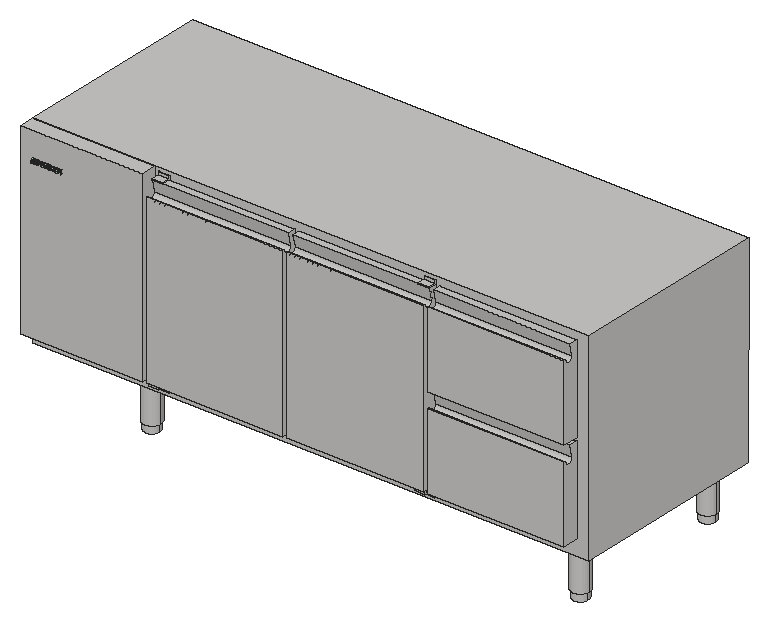
Revit family "QF_ALPENINOX_712681_AJ3F7AAB", category Specialty Equipment, Revit 2018
Family settings
  Round Connector Dimension = Use Diameter
  Part Type = Normal
  Work Plane-Based = No
  Always vertical = Yes
  Cut with Voids When Loaded = No
  Shared = No
  Room Calculation Point = No
Parameters
  Weight = 0.00 kg
  Watts = 45.5225 W
  Volts = 220 V
  URL Manufacturer = "http://www.alpeninox.com"
  URL = "http://www.alpeninox.com"
  Steam Supply Size = 0 mm
  Steam Supply Minimum Pressure = 0.0 Pa
  Steam Supply Maximum Pressure = 0.0 Pa
  Steam Pounds per Hour = 0
  Refrigeration Suction Line Size = 0 mm
  Refrigeration Liquid Line Size = 0 mm
  Refrigerant Compressor Remote = yes
  Manufacturer = "Alpeninox"
  Phase = 1
  Model = "AJ3F7AAB"
  Length Actual = 1795 mm  # constant formula
  Length = 1795 mm
  Item Number = "712681"
  Hot Water Size = 0 mm
  Height Actual = 800 mm  # constant formula
  Height = 650 mm
  HP = "0.7 HP"
  Gas Size = 0 mm
  Gas KW = 0
  Gas Input Pressure = 0 W
  Depth Actual = 700 mm  # constant formula
  Depth = 695 mm
  Description = "2 DOOR+2x½ DRAWER FREEZER TABLE -20C NO TOP"
  Cycle = 50 Hz
  Condensate Return Size = 0 mm
  Compressed Air Volume = 0.0 L/s
  Compressed Air Size = 0 mm
  Compressed Air Pressure = 0.0 Pa
  Cold Water Size = 0 mm
  Accessory = yes
Reference planes
  plane 1: z = 0
  plane 2 "Center (Left/Right)": x = -126.5
  plane 3 "Center (Front/Back)": y = 64.5
  plane 4 "FEET": z = 150
  plane 5 "TOP": z = 850
  plane 6 "PLAIN": z = 800
  plane 7 "EI_back": y = 359
  plane 8 "EI_left": x = -958
  plane 9 "BACK": y = 412
  plane 10 "FRONT": y = -283
  plane 11 "DOOR": y = -233
  plane 12 "LEFT": x = -1024
  plane 13 "RIGHT": x = 771
  plane 14: x = -999
  plane 15: x = 746
Forms (mm)
  Extrusion 1, solid, material "QF_Finishes_Stainless Steel"
    sketch origin (-1022.223, -1524, 150) x (-1, 0, 0) y (0, -1, 0)
      loop
        circle (-64.223, -1883) r 5
    from 0 to -40
  Extrusion 2, solid, material "QF_Finishes_Stainless Steel"
    sketch origin (-1022.223, -1524, 150) x (-1, 0, 0) y (0, -1, 0)
      loop
        line (1.777, -1936) -> (1.777, -1291) -> (-1793.223, -1291) -> (-1793.223, -1936) -> (1.777, -1936)
    from 0 to 650 <- "Height"
Lines and regions (mm)
  symbolic lines, style "SpecialityEquipmentHiddenLines"
    curve 1: line (-1024, 412, 150) -> (771, 412, 150)
    curve 2: line (-1024, -283, 150) -> (-1024, 412, 150)
    curve 3: line (771, -283, 150) -> (-1024, -283, 150)
    curve 4: line (771, 412, 150) -> (771, -283, 150)
    curve 5: line (-1024, -233, 150) -> (771, -233, 150)
    curve 6: line (746, -283, 150) -> (746, -233, 150)
Dimensions and locks
  plane 4 "FEET" to level = 150 mm
  plane 11 "DOOR" to plane 10 "FRONT" = 50 mm
  "Height": plane 6 "PLAIN" to plane 4 "FEET"
  plane 5 "TOP" to plane 6 "PLAIN" = 50 mm
  plane 12 "LEFT" to plane 14 = 25 mm
  plane 15 to plane 13 "RIGHT" = 25 mm
  plane 9 "BACK" to plane 7 "EI_back" = 53 mm
  plane 12 "LEFT" to plane 8 "EI_left" = 66 mm
  "Length": plane 12 "LEFT" to plane 13 "RIGHT"
  equal spacing: plane 12 "LEFT", plane 2 "Center (Left/Right)", plane 13 "RIGHT"
  "Depth": plane 9 "BACK" to plane 10 "FRONT"
  equal spacing: plane 9 "BACK", plane 3 "Center (Front/Back)", plane 10 "FRONT"
  aligned and locked: level to plane 1
Automatic sketch dimensions
  Extrusion 1 sketch curve to plane 7 "EI_back" = 0 mm
  Extrusion 1 sketch curve to plane 8 "EI_left" = 0 mm
  Extrusion 2 sketch curve to plane 9 "BACK" = 0 mm
  Extrusion 2 sketch curve to plane 13 "RIGHT" = 0 mm
  Extrusion 2 sketch curve to plane 11 "DOOR" = 0 mm
  Extrusion 2 sketch curve to plane 12 "LEFT" = 0 mm
  curve 1 to plane 13 "RIGHT" = 0 mm
  curve 6 to plane 10 "FRONT" = 0 mm
  curve 6 to plane 15 = 0 mm
  curve 5 to plane 12 "LEFT" = 0 mm
  curve 6 to plane 11 "DOOR" = 0 mm
  curve 1 to plane 9 "BACK" = 0 mm
  radius of Extrusion 1 sketch curve = 5 mm
Nested families
  nested 1: "Freezer" at (771, -283, 0), type "Freezer"
  nested 2: "FEET" at (-679, 331, 0), type "FEET"
  nested 3: "FEET" at (705, 331, 0), type "FEET"
  nested 4: "FEET" at (-679, -183, 0), type "FEET"
  nested 5: "FEET" at (705, -183, 0), type "FEET"
  nested 6: "APX_BI_BT_L_650" at (-817.08, -233, 548) x (1, 0, 0) z (0, -1, 0), type "APX_BI_BT_L_650"
    with Show Logo yes
  nested 7: "APX_SD_L_650" at (-396, -233, 458.88) x (1, 0, 0) z (0, -1, 0), type "APX_SD_L_650"
    with Show Clearance yes
  nested 8: "APX_SD_R_650" at (58, -233, 458.88) x (1, 0, 0) z (0, -1, 0), type "APX_SD_R_650"
    with Show Clearance yes
  nested 9: "APX_HALF_650" at (512, -233, 458.08) x (1, 0, 0) z (0, -1, 0), type "APX_HALF_650"
    with Show Clearance yes
Connectors
  electrical at (-958, 359, 110), driven by "Volts"
    settings: on Extrusion 1, index 1, voltage 220 V, apparent load 0 VA, apparent load phase1 0 VA, apparent load phase2 0 VA, apparent load phase3 0 VA, power factor 1, load classification "Other", number of poles 1, system type 31, power factor state 1, is connector primary yes, connector utility no, sub classification motor no, connector description "Electrical Connection"
Definition of nested family "FEET"
  Parameters
    FEET = 150 mm
  Reference planes
    plane 1 "Center (Front/Back)": y = 0
    plane 2: z = 0
    plane 3 "Center (Left/Right)": x = 0
    plane 4: z = 150
  Forms (mm)
    Revolve 1, solid
      sketch origin (255.05, 0, 608.09) x (0, 0, 1) y (-1, 0, 0)
        loop
          line (-608.09, 255.05) -> (-608.09, 230.05) -> (-583.09, 230.05) -> (-583.09, 226.05) -> (-458.09, 226.05) -> (-458.09, 255.05) -> (-608.09, 255.05)
        axis (-608.09, 255.05) -> (-458.09, 255.05)
      angle from 0 to 360
  Dimensions and locks
    locked: Revolve 1 sketch curve to Revolve 1 sketch curve at 125
    "FEET": plane 4 to plane 2
    aligned and locked: level to plane 2
    aligned and locked: plane 4 to Revolve 1 sketch curve
    aligned and locked: Revolve 1 sketch curve to level
    aligned and locked: plane 3 "Center (Left/Right)" to Revolve 1 sketch curve
  Automatic sketch dimensions
    Revolve 1 sketch curve to plane 3 "Center (Left/Right)" = 0 mm
    Revolve 1 sketch curve to Revolve 1 sketch curve = 25 mm
    Revolve 1 sketch curve to Revolve 1 sketch curve = 29 mm
    plane 4 to Revolve 1 sketch curve = 50 mm
    Revolve 1 sketch curve to Revolve 1 sketch curve = 20 mm
Definition of nested family "APX_BI_BT_L_650"
  Parameters
    Show Logo [instance] = yes
    Default Elevation = 1219.2 mm
  Reference planes
    plane 1 "Center (Front/Back)": y = -49
    plane 2: z = 0
    plane 3 "Center (Left/Right)": x = -9.92
    plane 4: x = -206.92
    plane 5: x = 187.08
    plane 6: y = 252
    plane 7: y = -350
  Forms (mm)
    Extrusion 1, solid
      sketch origin (0, 0, 0) x (1, 0, 0) y (0, 1, 0)
        loop
          line (-1219.2, 1219.2) -> (-1219.2, -1219.2) -> (1219.2, -1219.2) -> (1219.2, 1219.2) -> (-1219.2, 1219.2)
      from 0 to -304.8
    Extrusion 2, solid
      sketch origin (0, 0, 0) x (1, 0, 0) y (0, 1, 0)
        loop
          line (-206.92, 252) -> (-206.92, -350) -> (187.08, -350) -> (187.08, 252) -> (-206.92, 252)
      from 0 to 50
    Extrusion 3, solid, not visible
      sketch origin (0, 0, 0) x (1, 0, 0) y (0, 1, 0)
        loop
          line (-206.92, 252) -> (-206.92, -400) -> (87.08, -400) -> (87.08, 252) -> (-206.92, 252)
      from 0 to 50
    Extrusion 4, solid
      sketch origin (0, -0.336, 0) x (1, 0, 0) y (0, 1, 0)
        loop
          line (-168.675, 170.349) -> (-172.411, 160.318)
          arc (-172.411, 160.318) -> (-171.624, 158.497) -> (-169.837, 159.36) r 1.374
          line (-169.837, 159.36) -> (-169.268, 161.111) -> (-164.1, 161.111) -> (-163.54, 159.379)
          arc (-163.54, 159.379) -> (-161.802, 158.542) -> (-161.049, 160.318) r 1.333
          line (-161.049, 160.318) -> (-164.694, 170.349)
          arc (-164.694, 170.349) -> (-166.685, 171.876) -> (-168.675, 170.349) r 2.06
        loop
          line (-166.681, 169.055) -> (-168.469, 163.655) -> (-164.935, 163.655) -> (-166.681, 169.055)
        loop
          arc (-159.705, 160.042) -> (-159.262, 158.973) -> (-158.194, 158.531) r 1.512
          line (-158.194, 158.531) -> (-153.608, 158.531)
          arc (-153.608, 158.531) -> (-152.337, 159.802) -> (-153.608, 161.074) r 1.272
          line (-153.608, 161.074) -> (-156.917, 161.074) -> (-156.917, 170.328)
          arc (-156.917, 170.328) -> (-158.311, 171.722) -> (-159.705, 170.328) r 1.394
          line (-159.705, 170.328) -> (-159.705, 160.042)
        loop
          line (-151.076, 170.218) -> (-151.076, 159.859)
          arc (-151.076, 159.859) -> (-149.683, 158.466) -> (-148.29, 159.859) r 1.393
          line (-148.29, 159.859) -> (-148.29, 162.882) -> (-146.225, 162.882)
          arc (-146.225, 162.882) -> (-142.999, 163.859) -> (-141.608, 166.928) r 4.082
          arc (-141.608, 166.928) -> (-142.993, 170.272) -> (-146.336, 171.657) r 4.728
          line (-146.336, 171.657) -> (-149.638, 171.657)
          arc (-149.638, 171.657) -> (-150.655, 171.235) -> (-151.076, 170.218) r 1.439
        loop
          line (-148.29, 165.313) -> (-146.388, 165.313)
          arc (-146.388, 165.313) -> (-144.433, 167.268) -> (-146.388, 169.222) r 1.955
          line (-146.388, 169.222) -> (-148.29, 169.222) -> (-148.29, 165.313)
        loop
          arc (-131.184, 166.332) -> (-132.004, 168.2) -> (-133.767, 169.228) r 3.3
          arc (-133.767, 169.228) -> (-136.353, 168.661) -> (-137.611, 166.332) r 3.176
          line (-137.611, 166.332) -> (-131.184, 166.332)
        loop
          line (-137.538, 163.743) -> (-130.544, 163.743)
          arc (-130.544, 163.743) -> (-129.292, 163.916) -> (-128.301, 164.701) r 2.4
          arc (-128.301, 164.701) -> (-128.155, 165.545) -> (-128.212, 166.399) r 3.635
          arc (-128.212, 166.399) -> (-130.364, 170.162) -> (-134.39, 171.769) r 6.579
          arc (-134.39, 171.769) -> (-138.918, 169.706) -> (-140.661, 165.044) r 6.501
          arc (-140.661, 165.044) -> (-139.276, 160.789) -> (-135.401, 158.549) r 6.252
          arc (-135.401, 158.549) -> (-132.922, 158.526) -> (-130.544, 159.232) r 8.361
          arc (-130.544, 159.232) -> (-129.466, 159.781) -> (-128.641, 160.666) r 3.486
          arc (-128.641, 160.666) -> (-128.419, 161.592) -> (-128.828, 162.451) r 1.425
          arc (-128.828, 162.451) -> (-129.368, 162.762) -> (-129.99, 162.762) r 1.203
          arc (-129.99, 162.762) -> (-130.406, 162.59) -> (-130.764, 162.316) r 1.724
          arc (-130.764, 162.316) -> (-131.666, 161.705) -> (-132.646, 161.229) r 7.6
          arc (-132.646, 161.229) -> (-135.676, 161.35) -> (-137.538, 163.743) r 3.6
        loop
          line (-126.669, 170.328) -> (-126.669, 159.859)
          arc (-126.669, 159.859) -> (-125.273, 158.463) -> (-123.878, 159.859) r 1.396
          line (-123.878, 159.859) -> (-123.878, 166.785) -> (-117.946, 159.029)
          arc (-117.946, 159.029) -> (-116.361, 158.51) -> (-115.379, 159.859) r 1.417
          line (-115.379, 159.859) -> (-115.379, 170.328)
          arc (-115.379, 170.328) -> (-116.774, 171.723) -> (-118.169, 170.328) r 1.395
          line (-118.169, 170.328) -> (-118.169, 163.311) -> (-124.101, 171.157)
          arc (-124.101, 171.157) -> (-125.687, 171.678) -> (-126.669, 170.328) r 1.418
        loop
          arc (-113.636, 159.859) -> (-112.241, 158.464) -> (-110.847, 159.859) r 1.394
          line (-110.847, 159.859) -> (-110.847, 170.328)
          arc (-110.847, 170.328) -> (-112.241, 171.723) -> (-113.636, 170.328) r 1.394
          line (-113.636, 170.328) -> (-113.636, 159.859)
        loop
          line (-109.102, 170.328) -> (-109.102, 159.859)
          arc (-109.102, 159.859) -> (-107.706, 158.463) -> (-106.31, 159.859) r 1.396
          line (-106.31, 159.859) -> (-106.31, 166.785) -> (-100.378, 159.029)
          arc (-100.378, 159.029) -> (-98.793, 158.51) -> (-97.812, 159.859) r 1.417
          line (-97.812, 159.859) -> (-97.812, 170.328)
          arc (-97.812, 170.328) -> (-99.207, 171.723) -> (-100.602, 170.328) r 1.395
          line (-100.602, 170.328) -> (-100.602, 163.311) -> (-106.533, 171.157)
          arc (-106.533, 171.157) -> (-108.119, 171.678) -> (-109.102, 170.328) r 1.418
        loop
          arc (-96.345, 165.093) -> (-95.619, 161.877) -> (-93.467, 159.379) r 6.806
          arc (-93.467, 159.379) -> (-91.792, 158.566) -> (-89.948, 158.31) r 5.956
          arc (-89.948, 158.31) -> (-88.104, 158.566) -> (-86.43, 159.379) r 5.956
          arc (-86.43, 159.379) -> (-84.277, 161.877) -> (-83.551, 165.093) r 6.806
          arc (-83.551, 165.093) -> (-84.277, 168.31) -> (-86.43, 170.808) r 6.806
          arc (-86.43, 170.808) -> (-88.104, 171.621) -> (-89.948, 171.877) r 5.956
          arc (-89.948, 171.877) -> (-91.792, 171.621) -> (-93.467, 170.808) r 5.956
          arc (-93.467, 170.808) -> (-95.619, 168.31) -> (-96.345, 165.093) r 6.806
        loop
          arc (-93.425, 165.093) -> (-93.138, 163.212) -> (-92.081, 161.629) r 4.387
          arc (-92.081, 161.629) -> (-91.087, 161.049) -> (-89.948, 160.881) r 3.035
          arc (-89.948, 160.881) -> (-88.809, 161.049) -> (-87.815, 161.629) r 3.035
          arc (-87.815, 161.629) -> (-86.759, 163.212) -> (-86.472, 165.093) r 4.387
          arc (-86.472, 165.093) -> (-86.759, 166.975) -> (-87.815, 168.558) r 4.387
          arc (-87.815, 168.558) -> (-88.809, 169.138) -> (-89.948, 169.306) r 3.035
          arc (-89.948, 169.306) -> (-91.087, 169.138) -> (-92.081, 168.558) r 3.035
          arc (-92.081, 168.558) -> (-93.138, 166.975) -> (-93.425, 165.093) r 4.387
        loop
          line (-83.139, 169.609) -> (-80.126, 165.552) -> (-83.81, 160.652)
          arc (-83.81, 160.652) -> (-83.512, 158.692) -> (-81.559, 159.029) r 1.388
          line (-81.559, 159.029) -> (-78.51, 163.232) -> (-75.461, 159.029)
          arc (-75.461, 159.029) -> (-73.507, 158.692) -> (-73.21, 160.652) r 1.388
          line (-73.21, 160.652) -> (-76.894, 165.552) -> (-73.881, 169.609)
          arc (-73.881, 169.609) -> (-74.249, 171.597) -> (-76.205, 171.084) r 1.38
          line (-76.205, 171.084) -> (-78.51, 167.841) -> (-80.815, 171.084)
          arc (-80.815, 171.084) -> (-82.771, 171.597) -> (-83.139, 169.609) r 1.38
      from 50 to 51.6
  Lines and regions (mm)
    Split face 1
      outline origin (-138, 0, 50) x (1, 0, 0) y (0, 1, 0)
        loop
          line (94.58, 177) -> (94.58, 154) -> (164.58, 154) -> (164.58, 177) -> (94.58, 177)
    Split face 2
      outline origin (-138, 0, 50) x (1, 0, 0) y (0, 1, 0)
        loop
          line (144.58, 174) -> (144.58, 157) -> (161.58, 157) -> (161.58, 174) -> (144.58, 174)
    Split face 3
      outline origin (0, 0, 50) x (1, 0, 0) y (0, 1, 0)
        loop
          line (-206.92, 188) -> (187.08, 188)
    Split face 4
      outline origin (-5, 0, 50) x (1, 0, 0) y (0, 1, 0)
        loop
          arc (-163.464, 131.824) -> (-167.464, 127.824) -> (-163.464, 123.824) r 4
          line (-163.464, 123.824) -> (-121.464, 123.824)
          arc (-121.464, 123.824) -> (-117.464, 127.824) -> (-121.464, 131.824) r 4
          line (-121.464, 131.824) -> (-163.464, 131.824)
    Split face 5
      outline origin (325, 0, 50) x (1, 0, 0) y (0, 1, 0)
        loop
          arc (-328.464, 131.824) -> (-332.464, 127.824) -> (-328.464, 123.824) r 4
          line (-328.464, 123.824) -> (-286.464, 123.824)
          arc (-286.464, 123.824) -> (-282.464, 127.824) -> (-286.464, 131.824) r 4
          line (-286.464, 131.824) -> (-328.464, 131.824)
    Split face 6
      outline origin (105, 0, 50) x (1, 0, 0) y (0, 1, 0)
        loop
          arc (-218.464, 131.824) -> (-222.464, 127.824) -> (-218.464, 123.824) r 4
          line (-218.464, 123.824) -> (-176.464, 123.824)
          arc (-176.464, 123.824) -> (-172.464, 127.824) -> (-176.464, 131.824) r 4
          line (-176.464, 131.824) -> (-218.464, 131.824)
    Split face 7
      outline origin (215, 0, 50) x (1, 0, 0) y (0, 1, 0)
        loop
          arc (-273.464, 131.824) -> (-277.464, 127.824) -> (-273.464, 123.824) r 4
          line (-273.464, 123.824) -> (-231.464, 123.824)
          arc (-231.464, 123.824) -> (-227.464, 127.824) -> (-231.464, 131.824) r 4
          line (-231.464, 131.824) -> (-273.464, 131.824)
    Split face 8, not visible
      outline origin (0, 0, 50) x (1, 0, 0) y (0, 1, 0)
        loop
          arc (-163.464, 131.824) -> (-167.464, 127.824) -> (-163.464, 123.824) r 4
          line (-163.464, 123.824) -> (-121.464, 123.824)
          arc (-121.464, 123.824) -> (-117.464, 127.824) -> (-121.464, 131.824) r 4
          line (-121.464, 131.824) -> (-163.464, 131.824)
    Split face 9
      outline origin (-5, -24, 50) x (1, 0, 0) y (0, 1, 0)
        loop
          arc (-163.464, 143.824) -> (-167.464, 139.824) -> (-163.464, 135.824) r 4
          line (-163.464, 135.824) -> (-121.464, 135.824)
          arc (-121.464, 135.824) -> (-117.464, 139.824) -> (-121.464, 143.824) r 4
          line (-121.464, 143.824) -> (-163.464, 143.824)
    Split face 10
      outline origin (325, -24, 50) x (1, 0, 0) y (0, 1, 0)
        loop
          arc (-328.464, 143.824) -> (-332.464, 139.824) -> (-328.464, 135.824) r 4
          line (-328.464, 135.824) -> (-286.464, 135.824)
          arc (-286.464, 135.824) -> (-282.464, 139.824) -> (-286.464, 143.824) r 4
          line (-286.464, 143.824) -> (-328.464, 143.824)
    Split face 11
      outline origin (105, -24, 50) x (1, 0, 0) y (0, 1, 0)
        loop
          arc (-218.464, 143.824) -> (-222.464, 139.824) -> (-218.464, 135.824) r 4
          line (-218.464, 135.824) -> (-176.464, 135.824)
          arc (-176.464, 135.824) -> (-172.464, 139.824) -> (-176.464, 143.824) r 4
          line (-176.464, 143.824) -> (-218.464, 143.824)
    Split face 12
      outline origin (215, -24, 50) x (1, 0, 0) y (0, 1, 0)
        loop
          arc (-273.464, 143.824) -> (-277.464, 139.824) -> (-273.464, 135.824) r 4
          line (-273.464, 135.824) -> (-231.464, 135.824)
          arc (-231.464, 135.824) -> (-227.464, 139.824) -> (-231.464, 143.824) r 4
          line (-231.464, 143.824) -> (-273.464, 143.824)
    Split face 13
      outline origin (-5, -48, 50) x (1, 0, 0) y (0, 1, 0)
        loop
          arc (-163.464, 155.824) -> (-167.464, 151.824) -> (-163.464, 147.824) r 4
          line (-163.464, 147.824) -> (-121.464, 147.824)
          arc (-121.464, 147.824) -> (-117.464, 151.824) -> (-121.464, 155.824) r 4
          line (-121.464, 155.824) -> (-163.464, 155.824)
    Split face 14
      outline origin (325, -48, 50) x (1, 0, 0) y (0, 1, 0)
        loop
          arc (-328.464, 155.824) -> (-332.464, 151.824) -> (-328.464, 147.824) r 4
          line (-328.464, 147.824) -> (-286.464, 147.824)
          arc (-286.464, 147.824) -> (-282.464, 151.824) -> (-286.464, 155.824) r 4
          line (-286.464, 155.824) -> (-328.464, 155.824)
    Split face 15
      outline origin (105, -48, 50) x (1, 0, 0) y (0, 1, 0)
        loop
          arc (-218.464, 155.824) -> (-222.464, 151.824) -> (-218.464, 147.824) r 4
          line (-218.464, 147.824) -> (-176.464, 147.824)
          arc (-176.464, 147.824) -> (-172.464, 151.824) -> (-176.464, 155.824) r 4
          line (-176.464, 155.824) -> (-218.464, 155.824)
    Split face 16
      outline origin (215, -48, 50) x (1, 0, 0) y (0, 1, 0)
        loop
          arc (-273.464, 155.824) -> (-277.464, 151.824) -> (-273.464, 147.824) r 4
          line (-273.464, 147.824) -> (-231.464, 147.824)
          arc (-231.464, 147.824) -> (-227.464, 151.824) -> (-231.464, 155.824) r 4
          line (-231.464, 155.824) -> (-273.464, 155.824)
    Split face 17
      outline origin (-5, -72, 50) x (1, 0, 0) y (0, 1, 0)
        loop
          arc (-163.464, 167.824) -> (-167.464, 163.824) -> (-163.464, 159.824) r 4
          line (-163.464, 159.824) -> (-121.464, 159.824)
          arc (-121.464, 159.824) -> (-117.464, 163.824) -> (-121.464, 167.824) r 4
          line (-121.464, 167.824) -> (-163.464, 167.824)
    Split face 18
      outline origin (325, -72, 50) x (1, 0, 0) y (0, 1, 0)
        loop
          arc (-328.464, 167.824) -> (-332.464, 163.824) -> (-328.464, 159.824) r 4
          line (-328.464, 159.824) -> (-286.464, 159.824)
          arc (-286.464, 159.824) -> (-282.464, 163.824) -> (-286.464, 167.824) r 4
          line (-286.464, 167.824) -> (-328.464, 167.824)
    Split face 19
      outline origin (105, -72, 50) x (1, 0, 0) y (0, 1, 0)
        loop
          arc (-218.464, 167.824) -> (-222.464, 163.824) -> (-218.464, 159.824) r 4
          line (-218.464, 159.824) -> (-176.464, 159.824)
          arc (-176.464, 159.824) -> (-172.464, 163.824) -> (-176.464, 167.824) r 4
          line (-176.464, 167.824) -> (-218.464, 167.824)
    Split face 20
      outline origin (215, -72, 50) x (1, 0, 0) y (0, 1, 0)
        loop
          arc (-273.464, 167.824) -> (-277.464, 163.824) -> (-273.464, 159.824) r 4
          line (-273.464, 159.824) -> (-231.464, 159.824)
          arc (-231.464, 159.824) -> (-227.464, 163.824) -> (-231.464, 167.824) r 4
          line (-231.464, 167.824) -> (-273.464, 167.824)
    Split face 21
      outline origin (-5, -96, 50) x (1, 0, 0) y (0, 1, 0)
        loop
          arc (-163.464, 179.824) -> (-167.464, 175.824) -> (-163.464, 171.824) r 4
          line (-163.464, 171.824) -> (-121.464, 171.824)
          arc (-121.464, 171.824) -> (-117.464, 175.824) -> (-121.464, 179.824) r 4
          line (-121.464, 179.824) -> (-163.464, 179.824)
    Split face 22
      outline origin (325, -96, 50) x (1, 0, 0) y (0, 1, 0)
        loop
          arc (-328.464, 179.824) -> (-332.464, 175.824) -> (-328.464, 171.824) r 4
          line (-328.464, 171.824) -> (-286.464, 171.824)
          arc (-286.464, 171.824) -> (-282.464, 175.824) -> (-286.464, 179.824) r 4
          line (-286.464, 179.824) -> (-328.464, 179.824)
    Split face 23
      outline origin (105, -96, 50) x (1, 0, 0) y (0, 1, 0)
        loop
          arc (-218.464, 179.824) -> (-222.464, 175.824) -> (-218.464, 171.824) r 4
          line (-218.464, 171.824) -> (-176.464, 171.824)
          arc (-176.464, 171.824) -> (-172.464, 175.824) -> (-176.464, 179.824) r 4
          line (-176.464, 179.824) -> (-218.464, 179.824)
    Split face 24
      outline origin (215, -96, 50) x (1, 0, 0) y (0, 1, 0)
        loop
          arc (-273.464, 179.824) -> (-277.464, 175.824) -> (-273.464, 171.824) r 4
          line (-273.464, 171.824) -> (-231.464, 171.824)
          arc (-231.464, 171.824) -> (-227.464, 175.824) -> (-231.464, 179.824) r 4
          line (-231.464, 179.824) -> (-273.464, 179.824)
    Split face 25
      outline origin (-5, -120, 50) x (1, 0, 0) y (0, 1, 0)
        loop
          arc (-163.464, 191.824) -> (-167.464, 187.824) -> (-163.464, 183.824) r 4
          line (-163.464, 183.824) -> (-121.464, 183.824)
          arc (-121.464, 183.824) -> (-117.464, 187.824) -> (-121.464, 191.824) r 4
          line (-121.464, 191.824) -> (-163.464, 191.824)
    Split face 26
      outline origin (325, -120, 50) x (1, 0, 0) y (0, 1, 0)
        loop
          arc (-328.464, 191.824) -> (-332.464, 187.824) -> (-328.464, 183.824) r 4
          line (-328.464, 183.824) -> (-286.464, 183.824)
          arc (-286.464, 183.824) -> (-282.464, 187.824) -> (-286.464, 191.824) r 4
          line (-286.464, 191.824) -> (-328.464, 191.824)
    Split face 27
      outline origin (105, -120, 50) x (1, 0, 0) y (0, 1, 0)
        loop
          arc (-218.464, 191.824) -> (-222.464, 187.824) -> (-218.464, 183.824) r 4
          line (-218.464, 183.824) -> (-176.464, 183.824)
          arc (-176.464, 183.824) -> (-172.464, 187.824) -> (-176.464, 191.824) r 4
          line (-176.464, 191.824) -> (-218.464, 191.824)
    Split face 28
      outline origin (215, -120, 50) x (1, 0, 0) y (0, 1, 0)
        loop
          arc (-273.464, 191.824) -> (-277.464, 187.824) -> (-273.464, 183.824) r 4
          line (-273.464, 183.824) -> (-231.464, 183.824)
          arc (-231.464, 183.824) -> (-227.464, 187.824) -> (-231.464, 191.824) r 4
          line (-231.464, 191.824) -> (-273.464, 191.824)
    Split face 29
      outline origin (-5, -144, 50) x (1, 0, 0) y (0, 1, 0)
        loop
          arc (-163.464, 203.824) -> (-167.464, 199.824) -> (-163.464, 195.824) r 4
          line (-163.464, 195.824) -> (-121.464, 195.824)
          arc (-121.464, 195.824) -> (-117.464, 199.824) -> (-121.464, 203.824) r 4
          line (-121.464, 203.824) -> (-163.464, 203.824)
    Split face 30
      outline origin (325, -144, 50) x (1, 0, 0) y (0, 1, 0)
        loop
          arc (-328.464, 203.824) -> (-332.464, 199.824) -> (-328.464, 195.824) r 4
          line (-328.464, 195.824) -> (-286.464, 195.824)
          arc (-286.464, 195.824) -> (-282.464, 199.824) -> (-286.464, 203.824) r 4
          line (-286.464, 203.824) -> (-328.464, 203.824)
    Split face 31
      outline origin (105, -144, 50) x (1, 0, 0) y (0, 1, 0)
        loop
          arc (-218.464, 203.824) -> (-222.464, 199.824) -> (-218.464, 195.824) r 4
          line (-218.464, 195.824) -> (-176.464, 195.824)
          arc (-176.464, 195.824) -> (-172.464, 199.824) -> (-176.464, 203.824) r 4
          line (-176.464, 203.824) -> (-218.464, 203.824)
    Split face 32
      outline origin (215, -144, 50) x (1, 0, 0) y (0, 1, 0)
        loop
          arc (-273.464, 203.824) -> (-277.464, 199.824) -> (-273.464, 195.824) r 4
          line (-273.464, 195.824) -> (-231.464, 195.824)
          arc (-231.464, 195.824) -> (-227.464, 199.824) -> (-231.464, 203.824) r 4
          line (-231.464, 203.824) -> (-273.464, 203.824)
    Split face 33
      outline origin (-5, -168, 50) x (1, 0, 0) y (0, 1, 0)
        loop
          arc (-163.464, 215.824) -> (-167.464, 211.824) -> (-163.464, 207.824) r 4
          line (-163.464, 207.824) -> (-121.464, 207.824)
          arc (-121.464, 207.824) -> (-117.464, 211.824) -> (-121.464, 215.824) r 4
          line (-121.464, 215.824) -> (-163.464, 215.824)
    Split face 34
      outline origin (325, -168, 50) x (1, 0, 0) y (0, 1, 0)
        loop
          arc (-328.464, 215.824) -> (-332.464, 211.824) -> (-328.464, 207.824) r 4
          line (-328.464, 207.824) -> (-286.464, 207.824)
          arc (-286.464, 207.824) -> (-282.464, 211.824) -> (-286.464, 215.824) r 4
          line (-286.464, 215.824) -> (-328.464, 215.824)
    Split face 35
      outline origin (105, -168, 50) x (1, 0, 0) y (0, 1, 0)
        loop
          arc (-218.464, 215.824) -> (-222.464, 211.824) -> (-218.464, 207.824) r 4
          line (-218.464, 207.824) -> (-176.464, 207.824)
          arc (-176.464, 207.824) -> (-172.464, 211.824) -> (-176.464, 215.824) r 4
          line (-176.464, 215.824) -> (-218.464, 215.824)
    Split face 36
      outline origin (215, -168, 50) x (1, 0, 0) y (0, 1, 0)
        loop
          arc (-273.464, 215.824) -> (-277.464, 211.824) -> (-273.464, 207.824) r 4
          line (-273.464, 207.824) -> (-231.464, 207.824)
          arc (-231.464, 207.824) -> (-227.464, 211.824) -> (-231.464, 215.824) r 4
          line (-231.464, 215.824) -> (-273.464, 215.824)
    Split face 37
      outline origin (-5, -192, 50) x (1, 0, 0) y (0, 1, 0)
        loop
          arc (-163.464, 227.824) -> (-167.464, 223.824) -> (-163.464, 219.824) r 4
          line (-163.464, 219.824) -> (-121.464, 219.824)
          arc (-121.464, 219.824) -> (-117.464, 223.824) -> (-121.464, 227.824) r 4
          line (-121.464, 227.824) -> (-163.464, 227.824)
    Split face 38
      outline origin (325, -192, 50) x (1, 0, 0) y (0, 1, 0)
        loop
          arc (-328.464, 227.824) -> (-332.464, 223.824) -> (-328.464, 219.824) r 4
          line (-328.464, 219.824) -> (-286.464, 219.824)
          arc (-286.464, 219.824) -> (-282.464, 223.824) -> (-286.464, 227.824) r 4
          line (-286.464, 227.824) -> (-328.464, 227.824)
    Split face 39
      outline origin (105, -192, 50) x (1, 0, 0) y (0, 1, 0)
        loop
          arc (-218.464, 227.824) -> (-222.464, 223.824) -> (-218.464, 219.824) r 4
          line (-218.464, 219.824) -> (-176.464, 219.824)
          arc (-176.464, 219.824) -> (-172.464, 223.824) -> (-176.464, 227.824) r 4
          line (-176.464, 227.824) -> (-218.464, 227.824)
    Split face 40
      outline origin (215, -192, 50) x (1, 0, 0) y (0, 1, 0)
        loop
          arc (-273.464, 227.824) -> (-277.464, 223.824) -> (-273.464, 219.824) r 4
          line (-273.464, 219.824) -> (-231.464, 219.824)
          arc (-231.464, 219.824) -> (-227.464, 223.824) -> (-231.464, 227.824) r 4
          line (-231.464, 227.824) -> (-273.464, 227.824)
    Split face 41
      outline origin (-5, -216, 50) x (1, 0, 0) y (0, 1, 0)
        loop
          arc (-163.464, 239.824) -> (-167.464, 235.824) -> (-163.464, 231.824) r 4
          line (-163.464, 231.824) -> (-121.464, 231.824)
          arc (-121.464, 231.824) -> (-117.464, 235.824) -> (-121.464, 239.824) r 4
          line (-121.464, 239.824) -> (-163.464, 239.824)
    Split face 42
      outline origin (325, -216, 50) x (1, 0, 0) y (0, 1, 0)
        loop
          arc (-328.464, 239.824) -> (-332.464, 235.824) -> (-328.464, 231.824) r 4
          line (-328.464, 231.824) -> (-286.464, 231.824)
          arc (-286.464, 231.824) -> (-282.464, 235.824) -> (-286.464, 239.824) r 4
          line (-286.464, 239.824) -> (-328.464, 239.824)
    Split face 43
      outline origin (105, -216, 50) x (1, 0, 0) y (0, 1, 0)
        loop
          arc (-218.464, 239.824) -> (-222.464, 235.824) -> (-218.464, 231.824) r 4
          line (-218.464, 231.824) -> (-176.464, 231.824)
          arc (-176.464, 231.824) -> (-172.464, 235.824) -> (-176.464, 239.824) r 4
          line (-176.464, 239.824) -> (-218.464, 239.824)
    Split face 44
      outline origin (215, -216, 50) x (1, 0, 0) y (0, 1, 0)
        loop
          arc (-273.464, 239.824) -> (-277.464, 235.824) -> (-273.464, 231.824) r 4
          line (-273.464, 231.824) -> (-231.464, 231.824)
          arc (-231.464, 231.824) -> (-227.464, 235.824) -> (-231.464, 239.824) r 4
          line (-231.464, 239.824) -> (-273.464, 239.824)
    Split face 45
      outline origin (-5, -240, 50) x (1, 0, 0) y (0, 1, 0)
        loop
          arc (-163.464, 251.824) -> (-167.464, 247.824) -> (-163.464, 243.824) r 4
          line (-163.464, 243.824) -> (-121.464, 243.824)
          arc (-121.464, 243.824) -> (-117.464, 247.824) -> (-121.464, 251.824) r 4
          line (-121.464, 251.824) -> (-163.464, 251.824)
    Split face 46
      outline origin (325, -240, 50) x (1, 0, 0) y (0, 1, 0)
        loop
          arc (-328.464, 251.824) -> (-332.464, 247.824) -> (-328.464, 243.824) r 4
          line (-328.464, 243.824) -> (-286.464, 243.824)
          arc (-286.464, 243.824) -> (-282.464, 247.824) -> (-286.464, 251.824) r 4
          line (-286.464, 251.824) -> (-328.464, 251.824)
    Split face 47
      outline origin (105, -240, 50) x (1, 0, 0) y (0, 1, 0)
        loop
          arc (-218.464, 251.824) -> (-222.464, 247.824) -> (-218.464, 243.824) r 4
          line (-218.464, 243.824) -> (-176.464, 243.824)
          arc (-176.464, 243.824) -> (-172.464, 247.824) -> (-176.464, 251.824) r 4
          line (-176.464, 251.824) -> (-218.464, 251.824)
    Split face 48
      outline origin (215, -240, 50) x (1, 0, 0) y (0, 1, 0)
        loop
          arc (-273.464, 251.824) -> (-277.464, 247.824) -> (-273.464, 243.824) r 4
          line (-273.464, 243.824) -> (-231.464, 243.824)
          arc (-231.464, 243.824) -> (-227.464, 247.824) -> (-231.464, 251.824) r 4
          line (-231.464, 251.824) -> (-273.464, 251.824)
    Split face 49
      outline origin (-5, -264, 50) x (1, 0, 0) y (0, 1, 0)
        loop
          arc (-163.464, 263.824) -> (-167.464, 259.824) -> (-163.464, 255.824) r 4
          line (-163.464, 255.824) -> (-121.464, 255.824)
          arc (-121.464, 255.824) -> (-117.464, 259.824) -> (-121.464, 263.824) r 4
          line (-121.464, 263.824) -> (-163.464, 263.824)
    Split face 50
      outline origin (325, -264, 50) x (1, 0, 0) y (0, 1, 0)
        loop
          arc (-328.464, 263.824) -> (-332.464, 259.824) -> (-328.464, 255.824) r 4
          line (-328.464, 255.824) -> (-286.464, 255.824)
          arc (-286.464, 255.824) -> (-282.464, 259.824) -> (-286.464, 263.824) r 4
          line (-286.464, 263.824) -> (-328.464, 263.824)
    Split face 51
      outline origin (105, -264, 50) x (1, 0, 0) y (0, 1, 0)
        loop
          arc (-218.464, 263.824) -> (-222.464, 259.824) -> (-218.464, 255.824) r 4
          line (-218.464, 255.824) -> (-176.464, 255.824)
          arc (-176.464, 255.824) -> (-172.464, 259.824) -> (-176.464, 263.824) r 4
          line (-176.464, 263.824) -> (-218.464, 263.824)
    Split face 52
      outline origin (215, -264, 50) x (1, 0, 0) y (0, 1, 0)
        loop
          arc (-273.464, 263.824) -> (-277.464, 259.824) -> (-273.464, 255.824) r 4
          line (-273.464, 255.824) -> (-231.464, 255.824)
          arc (-231.464, 255.824) -> (-227.464, 259.824) -> (-231.464, 263.824) r 4
          line (-231.464, 263.824) -> (-273.464, 263.824)
    Split face 53
      outline origin (-5, -288, 50) x (1, 0, 0) y (0, 1, 0)
        loop
          arc (-163.464, 275.824) -> (-167.464, 271.824) -> (-163.464, 267.824) r 4
          line (-163.464, 267.824) -> (-121.464, 267.824)
          arc (-121.464, 267.824) -> (-117.464, 271.824) -> (-121.464, 275.824) r 4
          line (-121.464, 275.824) -> (-163.464, 275.824)
    Split face 54
      outline origin (325, -288, 50) x (1, 0, 0) y (0, 1, 0)
        loop
          arc (-328.464, 275.824) -> (-332.464, 271.824) -> (-328.464, 267.824) r 4
          line (-328.464, 267.824) -> (-286.464, 267.824)
          arc (-286.464, 267.824) -> (-282.464, 271.824) -> (-286.464, 275.824) r 4
          line (-286.464, 275.824) -> (-328.464, 275.824)
    Split face 55
      outline origin (105, -288, 50) x (1, 0, 0) y (0, 1, 0)
        loop
          arc (-218.464, 275.824) -> (-222.464, 271.824) -> (-218.464, 267.824) r 4
          line (-218.464, 267.824) -> (-176.464, 267.824)
          arc (-176.464, 267.824) -> (-172.464, 271.824) -> (-176.464, 275.824) r 4
          line (-176.464, 275.824) -> (-218.464, 275.824)
    Split face 56
      outline origin (215, -288, 50) x (1, 0, 0) y (0, 1, 0)
        loop
          arc (-273.464, 275.824) -> (-277.464, 271.824) -> (-273.464, 267.824) r 4
          line (-273.464, 267.824) -> (-231.464, 267.824)
          arc (-231.464, 267.824) -> (-227.464, 271.824) -> (-231.464, 275.824) r 4
          line (-231.464, 275.824) -> (-273.464, 275.824)
    Split face 57
      outline origin (-5, -312, 50) x (1, 0, 0) y (0, 1, 0)
        loop
          arc (-163.464, 287.824) -> (-167.464, 283.824) -> (-163.464, 279.824) r 4
          line (-163.464, 279.824) -> (-121.464, 279.824)
          arc (-121.464, 279.824) -> (-117.464, 283.824) -> (-121.464, 287.824) r 4
          line (-121.464, 287.824) -> (-163.464, 287.824)
    Split face 58
      outline origin (325, -312, 50) x (1, 0, 0) y (0, 1, 0)
        loop
          arc (-328.464, 287.824) -> (-332.464, 283.824) -> (-328.464, 279.824) r 4
          line (-328.464, 279.824) -> (-286.464, 279.824)
          arc (-286.464, 279.824) -> (-282.464, 283.824) -> (-286.464, 287.824) r 4
          line (-286.464, 287.824) -> (-328.464, 287.824)
    Split face 59
      outline origin (105, -312, 50) x (1, 0, 0) y (0, 1, 0)
        loop
          arc (-218.464, 287.824) -> (-222.464, 283.824) -> (-218.464, 279.824) r 4
          line (-218.464, 279.824) -> (-176.464, 279.824)
          arc (-176.464, 279.824) -> (-172.464, 283.824) -> (-176.464, 287.824) r 4
          line (-176.464, 287.824) -> (-218.464, 287.824)
    Split face 60
      outline origin (215, -312, 50) x (1, 0, 0) y (0, 1, 0)
        loop
          arc (-273.464, 287.824) -> (-277.464, 283.824) -> (-273.464, 279.824) r 4
          line (-273.464, 279.824) -> (-231.464, 279.824)
          arc (-231.464, 279.824) -> (-227.464, 283.824) -> (-231.464, 287.824) r 4
          line (-231.464, 287.824) -> (-273.464, 287.824)
    Split face 61
      outline origin (-5, -336, 50) x (1, 0, 0) y (0, 1, 0)
        loop
          arc (-163.464, 299.824) -> (-167.464, 295.824) -> (-163.464, 291.824) r 4
          line (-163.464, 291.824) -> (-121.464, 291.824)
          arc (-121.464, 291.824) -> (-117.464, 295.824) -> (-121.464, 299.824) r 4
          line (-121.464, 299.824) -> (-163.464, 299.824)
    Split face 62
      outline origin (325, -336, 50) x (1, 0, 0) y (0, 1, 0)
        loop
          arc (-328.464, 299.824) -> (-332.464, 295.824) -> (-328.464, 291.824) r 4
          line (-328.464, 291.824) -> (-286.464, 291.824)
          arc (-286.464, 291.824) -> (-282.464, 295.824) -> (-286.464, 299.824) r 4
          line (-286.464, 299.824) -> (-328.464, 299.824)
    Split face 63
      outline origin (105, -336, 50) x (1, 0, 0) y (0, 1, 0)
        loop
          arc (-218.464, 299.824) -> (-222.464, 295.824) -> (-218.464, 291.824) r 4
          line (-218.464, 291.824) -> (-176.464, 291.824)
          arc (-176.464, 291.824) -> (-172.464, 295.824) -> (-176.464, 299.824) r 4
          line (-176.464, 299.824) -> (-218.464, 299.824)
    Split face 64
      outline origin (215, -336, 50) x (1, 0, 0) y (0, 1, 0)
        loop
          arc (-273.464, 299.824) -> (-277.464, 295.824) -> (-273.464, 291.824) r 4
          line (-273.464, 291.824) -> (-231.464, 291.824)
          arc (-231.464, 291.824) -> (-227.464, 295.824) -> (-231.464, 299.824) r 4
          line (-231.464, 299.824) -> (-273.464, 299.824)
    Split face 65
      outline origin (-5, -360, 50) x (1, 0, 0) y (0, 1, 0)
        loop
          arc (-163.464, 311.824) -> (-167.464, 307.824) -> (-163.464, 303.824) r 4
          line (-163.464, 303.824) -> (-121.464, 303.824)
          arc (-121.464, 303.824) -> (-117.464, 307.824) -> (-121.464, 311.824) r 4
          line (-121.464, 311.824) -> (-163.464, 311.824)
    Split face 66
      outline origin (325, -360, 50) x (1, 0, 0) y (0, 1, 0)
        loop
          arc (-328.464, 311.824) -> (-332.464, 307.824) -> (-328.464, 303.824) r 4
          line (-328.464, 303.824) -> (-286.464, 303.824)
          arc (-286.464, 303.824) -> (-282.464, 307.824) -> (-286.464, 311.824) r 4
          line (-286.464, 311.824) -> (-328.464, 311.824)
    Split face 67
      outline origin (105, -360, 50) x (1, 0, 0) y (0, 1, 0)
        loop
          arc (-218.464, 311.824) -> (-222.464, 307.824) -> (-218.464, 303.824) r 4
          line (-218.464, 303.824) -> (-176.464, 303.824)
          arc (-176.464, 303.824) -> (-172.464, 307.824) -> (-176.464, 311.824) r 4
          line (-176.464, 311.824) -> (-218.464, 311.824)
    Split face 68
      outline origin (215, -360, 50) x (1, 0, 0) y (0, 1, 0)
        loop
          arc (-273.464, 311.824) -> (-277.464, 307.824) -> (-273.464, 303.824) r 4
          line (-273.464, 303.824) -> (-231.464, 303.824)
          arc (-231.464, 303.824) -> (-227.464, 307.824) -> (-231.464, 311.824) r 4
          line (-231.464, 311.824) -> (-273.464, 311.824)
    Split face 69
      outline origin (0, 0, 50) x (1, 0, 0) y (0, 1, 0)
        loop
          line (-206.92, 143) -> (187.08, 143)
    Split face 70
      outline origin (-5, -663.3, 50) x (1, 0, 0) y (0, 1, 0)
        loop
          arc (-163.464, 513.474) -> (-167.464, 509.474) -> (-163.464, 505.474) r 4
          line (-163.464, 505.474) -> (-121.464, 505.474)
          arc (-121.464, 505.474) -> (-117.464, 509.474) -> (-121.464, 513.474) r 4
          line (-121.464, 513.474) -> (-163.464, 513.474)
    Split face 71
      outline origin (325, -663.3, 50) x (1, 0, 0) y (0, 1, 0)
        loop
          arc (-328.464, 513.474) -> (-332.464, 509.474) -> (-328.464, 505.474) r 4
          line (-328.464, 505.474) -> (-286.464, 505.474)
          arc (-286.464, 505.474) -> (-282.464, 509.474) -> (-286.464, 513.474) r 4
          line (-286.464, 513.474) -> (-328.464, 513.474)
    Split face 72
      outline origin (105, -663.3, 50) x (1, 0, 0) y (0, 1, 0)
        loop
          arc (-218.464, 513.474) -> (-222.464, 509.474) -> (-218.464, 505.474) r 4
          line (-218.464, 505.474) -> (-176.464, 505.474)
          arc (-176.464, 505.474) -> (-172.464, 509.474) -> (-176.464, 513.474) r 4
          line (-176.464, 513.474) -> (-218.464, 513.474)
    Split face 73
      outline origin (215, -663.3, 50) x (1, 0, 0) y (0, 1, 0)
        loop
          arc (-273.464, 513.474) -> (-277.464, 509.474) -> (-273.464, 505.474) r 4
          line (-273.464, 505.474) -> (-231.464, 505.474)
          arc (-231.464, 505.474) -> (-227.464, 509.474) -> (-231.464, 513.474) r 4
          line (-231.464, 513.474) -> (-273.464, 513.474)
    Split face 74
      outline origin (-5, -687.3, 50) x (1, 0, 0) y (0, 1, 0)
        loop
          arc (-163.464, 525.474) -> (-167.464, 521.474) -> (-163.464, 517.474) r 4
          line (-163.464, 517.474) -> (-121.464, 517.474)
          arc (-121.464, 517.474) -> (-117.464, 521.474) -> (-121.464, 525.474) r 4
          line (-121.464, 525.474) -> (-163.464, 525.474)
    Split face 75
      outline origin (325, -687.3, 50) x (1, 0, 0) y (0, 1, 0)
        loop
          arc (-328.464, 525.474) -> (-332.464, 521.474) -> (-328.464, 517.474) r 4
          line (-328.464, 517.474) -> (-286.464, 517.474)
          arc (-286.464, 517.474) -> (-282.464, 521.474) -> (-286.464, 525.474) r 4
          line (-286.464, 525.474) -> (-328.464, 525.474)
    Split face 76
      outline origin (105, -687.3, 50) x (1, 0, 0) y (0, 1, 0)
        loop
          arc (-218.464, 525.474) -> (-222.464, 521.474) -> (-218.464, 517.474) r 4
          line (-218.464, 517.474) -> (-176.464, 517.474)
          arc (-176.464, 517.474) -> (-172.464, 521.474) -> (-176.464, 525.474) r 4
          line (-176.464, 525.474) -> (-218.464, 525.474)
    Split face 77
      outline origin (215, -687.3, 50) x (1, 0, 0) y (0, 1, 0)
        loop
          arc (-273.464, 525.474) -> (-277.464, 521.474) -> (-273.464, 517.474) r 4
          line (-273.464, 517.474) -> (-231.464, 517.474)
          arc (-231.464, 517.474) -> (-227.464, 521.474) -> (-231.464, 525.474) r 4
          line (-231.464, 525.474) -> (-273.464, 525.474)
    Split face 78
      outline origin (-5, -711.3, 50) x (1, 0, 0) y (0, 1, 0)
        loop
          arc (-163.464, 537.474) -> (-167.464, 533.474) -> (-163.464, 529.474) r 4
          line (-163.464, 529.474) -> (-121.464, 529.474)
          arc (-121.464, 529.474) -> (-117.464, 533.474) -> (-121.464, 537.474) r 4
          line (-121.464, 537.474) -> (-163.464, 537.474)
    Split face 79
      outline origin (325, -711.3, 50) x (1, 0, 0) y (0, 1, 0)
        loop
          arc (-328.464, 537.474) -> (-332.464, 533.474) -> (-328.464, 529.474) r 4
          line (-328.464, 529.474) -> (-286.464, 529.474)
          arc (-286.464, 529.474) -> (-282.464, 533.474) -> (-286.464, 537.474) r 4
          line (-286.464, 537.474) -> (-328.464, 537.474)
    Split face 80
      outline origin (105, -711.3, 50) x (1, 0, 0) y (0, 1, 0)
        loop
          arc (-218.464, 537.474) -> (-222.464, 533.474) -> (-218.464, 529.474) r 4
          line (-218.464, 529.474) -> (-176.464, 529.474)
          arc (-176.464, 529.474) -> (-172.464, 533.474) -> (-176.464, 537.474) r 4
          line (-176.464, 537.474) -> (-218.464, 537.474)
    Split face 81
      outline origin (215, -711.3, 50) x (1, 0, 0) y (0, 1, 0)
        loop
          arc (-273.464, 537.474) -> (-277.464, 533.474) -> (-273.464, 529.474) r 4
          line (-273.464, 529.474) -> (-231.464, 529.474)
          arc (-231.464, 529.474) -> (-227.464, 533.474) -> (-231.464, 537.474) r 4
          line (-231.464, 537.474) -> (-273.464, 537.474)
    Split face 82
      outline origin (-5, -735.3, 50) x (1, 0, 0) y (0, 1, 0)
        loop
          arc (-163.464, 549.474) -> (-167.464, 545.474) -> (-163.464, 541.474) r 4
          line (-163.464, 541.474) -> (-121.464, 541.474)
          arc (-121.464, 541.474) -> (-117.464, 545.474) -> (-121.464, 549.474) r 4
          line (-121.464, 549.474) -> (-163.464, 549.474)
    Split face 83
      outline origin (325, -735.3, 50) x (1, 0, 0) y (0, 1, 0)
        loop
          arc (-328.464, 549.474) -> (-332.464, 545.474) -> (-328.464, 541.474) r 4
          line (-328.464, 541.474) -> (-286.464, 541.474)
          arc (-286.464, 541.474) -> (-282.464, 545.474) -> (-286.464, 549.474) r 4
          line (-286.464, 549.474) -> (-328.464, 549.474)
    Split face 84
      outline origin (105, -735.3, 50) x (1, 0, 0) y (0, 1, 0)
        loop
          arc (-218.464, 549.474) -> (-222.464, 545.474) -> (-218.464, 541.474) r 4
          line (-218.464, 541.474) -> (-176.464, 541.474)
          arc (-176.464, 541.474) -> (-172.464, 545.474) -> (-176.464, 549.474) r 4
          line (-176.464, 549.474) -> (-218.464, 549.474)
    Split face 85
      outline origin (215, -735.3, 50) x (1, 0, 0) y (0, 1, 0)
        loop
          arc (-273.464, 549.474) -> (-277.464, 545.474) -> (-273.464, 541.474) r 4
          line (-273.464, 541.474) -> (-231.464, 541.474)
          arc (-231.464, 541.474) -> (-227.464, 545.474) -> (-231.464, 549.474) r 4
          line (-231.464, 549.474) -> (-273.464, 549.474)
    Split face 86
      outline origin (-5, -759.3, 50) x (1, 0, 0) y (0, 1, 0)
        loop
          arc (-163.464, 561.474) -> (-167.464, 557.474) -> (-163.464, 553.474) r 4
          line (-163.464, 553.474) -> (-121.464, 553.474)
          arc (-121.464, 553.474) -> (-117.464, 557.474) -> (-121.464, 561.474) r 4
          line (-121.464, 561.474) -> (-163.464, 561.474)
    Split face 87
      outline origin (325, -759.3, 50) x (1, 0, 0) y (0, 1, 0)
        loop
          arc (-328.464, 561.474) -> (-332.464, 557.474) -> (-328.464, 553.474) r 4
          line (-328.464, 553.474) -> (-286.464, 553.474)
          arc (-286.464, 553.474) -> (-282.464, 557.474) -> (-286.464, 561.474) r 4
          line (-286.464, 561.474) -> (-328.464, 561.474)
    Split face 88
      outline origin (105, -759.3, 50) x (1, 0, 0) y (0, 1, 0)
        loop
          arc (-218.464, 561.474) -> (-222.464, 557.474) -> (-218.464, 553.474) r 4
          line (-218.464, 553.474) -> (-176.464, 553.474)
          arc (-176.464, 553.474) -> (-172.464, 557.474) -> (-176.464, 561.474) r 4
          line (-176.464, 561.474) -> (-218.464, 561.474)
    Split face 89
      outline origin (215, -759.3, 50) x (1, 0, 0) y (0, 1, 0)
        loop
          arc (-273.464, 561.474) -> (-277.464, 557.474) -> (-273.464, 553.474) r 4
          line (-273.464, 553.474) -> (-231.464, 553.474)
          arc (-231.464, 553.474) -> (-227.464, 557.474) -> (-231.464, 561.474) r 4
          line (-231.464, 561.474) -> (-273.464, 561.474)
    Split face 90
      outline origin (-5, -783.3, 50) x (1, 0, 0) y (0, 1, 0)
        loop
          arc (-163.464, 573.474) -> (-167.464, 569.474) -> (-163.464, 565.474) r 4
          line (-163.464, 565.474) -> (-121.464, 565.474)
          arc (-121.464, 565.474) -> (-117.464, 569.474) -> (-121.464, 573.474) r 4
          line (-121.464, 573.474) -> (-163.464, 573.474)
    Split face 91
      outline origin (325, -783.3, 50) x (1, 0, 0) y (0, 1, 0)
        loop
          arc (-328.464, 573.474) -> (-332.464, 569.474) -> (-328.464, 565.474) r 4
          line (-328.464, 565.474) -> (-286.464, 565.474)
          arc (-286.464, 565.474) -> (-282.464, 569.474) -> (-286.464, 573.474) r 4
          line (-286.464, 573.474) -> (-328.464, 573.474)
    Split face 92
      outline origin (105, -783.3, 50) x (1, 0, 0) y (0, 1, 0)
        loop
          arc (-218.464, 573.474) -> (-222.464, 569.474) -> (-218.464, 565.474) r 4
          line (-218.464, 565.474) -> (-176.464, 565.474)
          arc (-176.464, 565.474) -> (-172.464, 569.474) -> (-176.464, 573.474) r 4
          line (-176.464, 573.474) -> (-218.464, 573.474)
    Split face 93
      outline origin (215, -783.3, 50) x (1, 0, 0) y (0, 1, 0)
        loop
          arc (-273.464, 573.474) -> (-277.464, 569.474) -> (-273.464, 565.474) r 4
          line (-273.464, 565.474) -> (-231.464, 565.474)
          arc (-231.464, 565.474) -> (-227.464, 569.474) -> (-231.464, 573.474) r 4
          line (-231.464, 573.474) -> (-273.464, 573.474)
    Split face 94
      outline origin (-5, -807.3, 50) x (1, 0, 0) y (0, 1, 0)
        loop
          arc (-163.464, 585.474) -> (-167.464, 581.474) -> (-163.464, 577.474) r 4
          line (-163.464, 577.474) -> (-121.464, 577.474)
          arc (-121.464, 577.474) -> (-117.464, 581.474) -> (-121.464, 585.474) r 4
          line (-121.464, 585.474) -> (-163.464, 585.474)
    Split face 95
      outline origin (325, -807.3, 50) x (1, 0, 0) y (0, 1, 0)
        loop
          arc (-328.464, 585.474) -> (-332.464, 581.474) -> (-328.464, 577.474) r 4
          line (-328.464, 577.474) -> (-286.464, 577.474)
          arc (-286.464, 577.474) -> (-282.464, 581.474) -> (-286.464, 585.474) r 4
          line (-286.464, 585.474) -> (-328.464, 585.474)
    Split face 96
      outline origin (105, -807.3, 50) x (1, 0, 0) y (0, 1, 0)
        loop
          arc (-218.464, 585.474) -> (-222.464, 581.474) -> (-218.464, 577.474) r 4
          line (-218.464, 577.474) -> (-176.464, 577.474)
          arc (-176.464, 577.474) -> (-172.464, 581.474) -> (-176.464, 585.474) r 4
          line (-176.464, 585.474) -> (-218.464, 585.474)
    Split face 97
      outline origin (215, -807.3, 50) x (1, 0, 0) y (0, 1, 0)
        loop
          arc (-273.464, 585.474) -> (-277.464, 581.474) -> (-273.464, 577.474) r 4
          line (-273.464, 577.474) -> (-231.464, 577.474)
          arc (-231.464, 577.474) -> (-227.464, 581.474) -> (-231.464, 585.474) r 4
          line (-231.464, 585.474) -> (-273.464, 585.474)
    Split face 98
      outline origin (-5, -831.3, 50) x (1, 0, 0) y (0, 1, 0)
        loop
          arc (-163.464, 597.474) -> (-167.464, 593.474) -> (-163.464, 589.474) r 4
          line (-163.464, 589.474) -> (-121.464, 589.474)
          arc (-121.464, 589.474) -> (-117.464, 593.474) -> (-121.464, 597.474) r 4
          line (-121.464, 597.474) -> (-163.464, 597.474)
    Split face 99
      outline origin (325, -831.3, 50) x (1, 0, 0) y (0, 1, 0)
        loop
          arc (-328.464, 597.474) -> (-332.464, 593.474) -> (-328.464, 589.474) r 4
          line (-328.464, 589.474) -> (-286.464, 589.474)
          arc (-286.464, 589.474) -> (-282.464, 593.474) -> (-286.464, 597.474) r 4
          line (-286.464, 597.474) -> (-328.464, 597.474)
    Split face 100
      outline origin (105, -831.3, 50) x (1, 0, 0) y (0, 1, 0)
        loop
          arc (-218.464, 597.474) -> (-222.464, 593.474) -> (-218.464, 589.474) r 4
          line (-218.464, 589.474) -> (-176.464, 589.474)
          arc (-176.464, 589.474) -> (-172.464, 593.474) -> (-176.464, 597.474) r 4
          line (-176.464, 597.474) -> (-218.464, 597.474)
    Split face 101
      outline origin (215, -831.3, 50) x (1, 0, 0) y (0, 1, 0)
        loop
          arc (-273.464, 597.474) -> (-277.464, 593.474) -> (-273.464, 589.474) r 4
          line (-273.464, 589.474) -> (-231.464, 589.474)
          arc (-231.464, 589.474) -> (-227.464, 593.474) -> (-231.464, 597.474) r 4
          line (-231.464, 597.474) -> (-273.464, 597.474)
    Split face 102
      outline origin (-5, -855.3, 50) x (1, 0, 0) y (0, 1, 0)
        loop
          arc (-163.464, 609.474) -> (-167.464, 605.474) -> (-163.464, 601.474) r 4
          line (-163.464, 601.474) -> (-121.464, 601.474)
          arc (-121.464, 601.474) -> (-117.464, 605.474) -> (-121.464, 609.474) r 4
          line (-121.464, 609.474) -> (-163.464, 609.474)
    Split face 103
      outline origin (325, -855.3, 50) x (1, 0, 0) y (0, 1, 0)
        loop
          arc (-328.464, 609.474) -> (-332.464, 605.474) -> (-328.464, 601.474) r 4
          line (-328.464, 601.474) -> (-286.464, 601.474)
          arc (-286.464, 601.474) -> (-282.464, 605.474) -> (-286.464, 609.474) r 4
          line (-286.464, 609.474) -> (-328.464, 609.474)
    Split face 104
      outline origin (105, -855.3, 50) x (1, 0, 0) y (0, 1, 0)
        loop
          arc (-218.464, 609.474) -> (-222.464, 605.474) -> (-218.464, 601.474) r 4
          line (-218.464, 601.474) -> (-176.464, 601.474)
          arc (-176.464, 601.474) -> (-172.464, 605.474) -> (-176.464, 609.474) r 4
          line (-176.464, 609.474) -> (-218.464, 609.474)
    Split face 105
      outline origin (215, -855.3, 50) x (1, 0, 0) y (0, 1, 0)
        loop
          arc (-273.464, 609.474) -> (-277.464, 605.474) -> (-273.464, 601.474) r 4
          line (-273.464, 601.474) -> (-231.464, 601.474)
          arc (-231.464, 601.474) -> (-227.464, 605.474) -> (-231.464, 609.474) r 4
          line (-231.464, 609.474) -> (-273.464, 609.474)
    Split face 106
      outline origin (-5, -879.3, 50) x (1, 0, 0) y (0, 1, 0)
        loop
          arc (-163.464, 621.474) -> (-167.464, 617.474) -> (-163.464, 613.474) r 4
          line (-163.464, 613.474) -> (-121.464, 613.474)
          arc (-121.464, 613.474) -> (-117.464, 617.474) -> (-121.464, 621.474) r 4
          line (-121.464, 621.474) -> (-163.464, 621.474)
    Split face 107
      outline origin (325, -879.3, 50) x (1, 0, 0) y (0, 1, 0)
        loop
          arc (-328.464, 621.474) -> (-332.464, 617.474) -> (-328.464, 613.474) r 4
          line (-328.464, 613.474) -> (-286.464, 613.474)
          arc (-286.464, 613.474) -> (-282.464, 617.474) -> (-286.464, 621.474) r 4
          line (-286.464, 621.474) -> (-328.464, 621.474)
    Split face 108
      outline origin (105, -879.3, 50) x (1, 0, 0) y (0, 1, 0)
        loop
          arc (-218.464, 621.474) -> (-222.464, 617.474) -> (-218.464, 613.474) r 4
          line (-218.464, 613.474) -> (-176.464, 613.474)
          arc (-176.464, 613.474) -> (-172.464, 617.474) -> (-176.464, 621.474) r 4
          line (-176.464, 621.474) -> (-218.464, 621.474)
    Split face 109
      outline origin (215, -879.3, 50) x (1, 0, 0) y (0, 1, 0)
        loop
          arc (-273.464, 621.474) -> (-277.464, 617.474) -> (-273.464, 613.474) r 4
          line (-273.464, 613.474) -> (-231.464, 613.474)
          arc (-231.464, 613.474) -> (-227.464, 617.474) -> (-231.464, 621.474) r 4
          line (-231.464, 621.474) -> (-273.464, 621.474)
    Split face 110
      outline origin (-5, -903.3, 50) x (1, 0, 0) y (0, 1, 0)
        loop
          arc (-163.464, 633.474) -> (-167.464, 629.474) -> (-163.464, 625.474) r 4
          line (-163.464, 625.474) -> (-121.464, 625.474)
          arc (-121.464, 625.474) -> (-117.464, 629.474) -> (-121.464, 633.474) r 4
          line (-121.464, 633.474) -> (-163.464, 633.474)
    Split face 111
      outline origin (325, -903.3, 50) x (1, 0, 0) y (0, 1, 0)
        loop
          arc (-328.464, 633.474) -> (-332.464, 629.474) -> (-328.464, 625.474) r 4
          line (-328.464, 625.474) -> (-286.464, 625.474)
          arc (-286.464, 625.474) -> (-282.464, 629.474) -> (-286.464, 633.474) r 4
          line (-286.464, 633.474) -> (-328.464, 633.474)
    Split face 112
      outline origin (105, -903.3, 50) x (1, 0, 0) y (0, 1, 0)
        loop
          arc (-218.464, 633.474) -> (-222.464, 629.474) -> (-218.464, 625.474) r 4
          line (-218.464, 625.474) -> (-176.464, 625.474)
          arc (-176.464, 625.474) -> (-172.464, 629.474) -> (-176.464, 633.474) r 4
          line (-176.464, 633.474) -> (-218.464, 633.474)
    Split face 113
      outline origin (215, -903.3, 50) x (1, 0, 0) y (0, 1, 0)
        loop
          arc (-273.464, 633.474) -> (-277.464, 629.474) -> (-273.464, 625.474) r 4
          line (-273.464, 625.474) -> (-231.464, 625.474)
          arc (-231.464, 625.474) -> (-227.464, 629.474) -> (-231.464, 633.474) r 4
          line (-231.464, 633.474) -> (-273.464, 633.474)
    Split face 114
      outline origin (-5, -927.3, 50) x (1, 0, 0) y (0, 1, 0)
        loop
          arc (-163.464, 645.474) -> (-167.464, 641.474) -> (-163.464, 637.474) r 4
          line (-163.464, 637.474) -> (-121.464, 637.474)
          arc (-121.464, 637.474) -> (-117.464, 641.474) -> (-121.464, 645.474) r 4
          line (-121.464, 645.474) -> (-163.464, 645.474)
    Split face 115
      outline origin (325, -927.3, 50) x (1, 0, 0) y (0, 1, 0)
        loop
          arc (-328.464, 645.474) -> (-332.464, 641.474) -> (-328.464, 637.474) r 4
          line (-328.464, 637.474) -> (-286.464, 637.474)
          arc (-286.464, 637.474) -> (-282.464, 641.474) -> (-286.464, 645.474) r 4
          line (-286.464, 645.474) -> (-328.464, 645.474)
    Split face 116
      outline origin (105, -927.3, 50) x (1, 0, 0) y (0, 1, 0)
        loop
          arc (-218.464, 645.474) -> (-222.464, 641.474) -> (-218.464, 637.474) r 4
          line (-218.464, 637.474) -> (-176.464, 637.474)
          arc (-176.464, 637.474) -> (-172.464, 641.474) -> (-176.464, 645.474) r 4
          line (-176.464, 645.474) -> (-218.464, 645.474)
    Split face 117
      outline origin (215, -927.3, 50) x (1, 0, 0) y (0, 1, 0)
        loop
          arc (-273.464, 645.474) -> (-277.464, 641.474) -> (-273.464, 637.474) r 4
          line (-273.464, 637.474) -> (-231.464, 637.474)
          arc (-231.464, 637.474) -> (-227.464, 641.474) -> (-231.464, 645.474) r 4
          line (-231.464, 645.474) -> (-273.464, 645.474)
    Split face 118
      outline origin (-5, -951.3, 50) x (1, 0, 0) y (0, 1, 0)
        loop
          arc (-163.464, 657.474) -> (-167.464, 653.474) -> (-163.464, 649.474) r 4
          line (-163.464, 649.474) -> (-121.464, 649.474)
          arc (-121.464, 649.474) -> (-117.464, 653.474) -> (-121.464, 657.474) r 4
          line (-121.464, 657.474) -> (-163.464, 657.474)
    Split face 119
      outline origin (325, -951.3, 50) x (1, 0, 0) y (0, 1, 0)
        loop
          arc (-328.464, 657.474) -> (-332.464, 653.474) -> (-328.464, 649.474) r 4
          line (-328.464, 649.474) -> (-286.464, 649.474)
          arc (-286.464, 649.474) -> (-282.464, 653.474) -> (-286.464, 657.474) r 4
          line (-286.464, 657.474) -> (-328.464, 657.474)
    Split face 120
      outline origin (105, -951.3, 50) x (1, 0, 0) y (0, 1, 0)
        loop
          arc (-218.464, 657.474) -> (-222.464, 653.474) -> (-218.464, 649.474) r 4
          line (-218.464, 649.474) -> (-176.464, 649.474)
          arc (-176.464, 649.474) -> (-172.464, 653.474) -> (-176.464, 657.474) r 4
          line (-176.464, 657.474) -> (-218.464, 657.474)
    Split face 121
      outline origin (215, -951.3, 50) x (1, 0, 0) y (0, 1, 0)
        loop
          arc (-273.464, 657.474) -> (-277.464, 653.474) -> (-273.464, 649.474) r 4
          line (-273.464, 649.474) -> (-231.464, 649.474)
          arc (-231.464, 649.474) -> (-227.464, 653.474) -> (-231.464, 657.474) r 4
          line (-231.464, 657.474) -> (-273.464, 657.474)
    Split face 122
      outline origin (-5, -975.3, 50) x (1, 0, 0) y (0, 1, 0)
        loop
          arc (-163.464, 669.474) -> (-167.464, 665.474) -> (-163.464, 661.474) r 4
